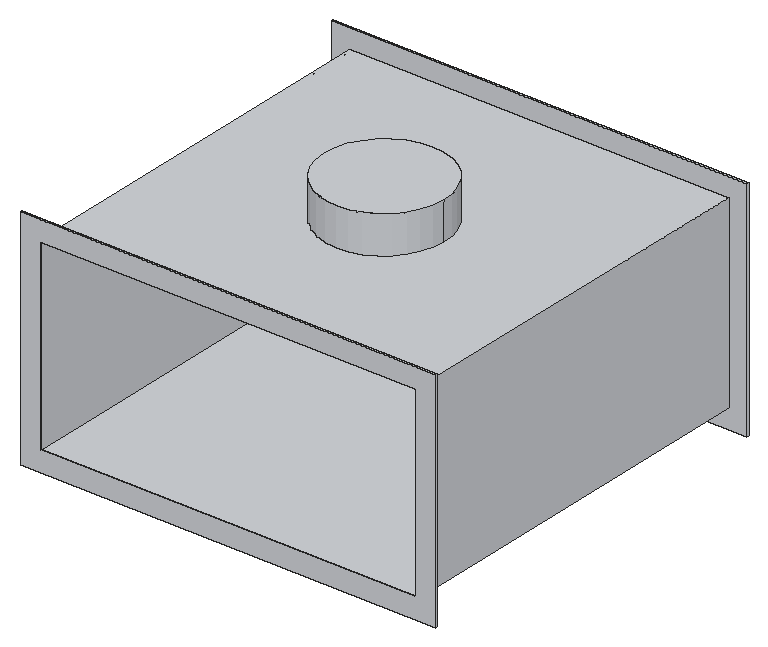
Revit family "SB-3", category Modelos genéricos, Revit 2019
Family settings
  Puede alojar armadura = No
  Cota de conector redondo = Diámetro de uso
  Tipo de pieza = Normal
  Se basa en plano de trabajo = No
  Siempre vertical = Sí
  Corte con vacíos al cargar = No
  Compartido = No
  Punto de cálculo de habitación = No
Parameters (values of type "sb-3 3015")
  ØMOTOR = 95 mm
  e = 1 mm  # constant formula
  URL = "https://www.casals.com/es/fanware/50/fans/29793"
  Modelo = "SB-3 3015 EEC"
  Fabricante = "Casals ventilación"  # constant formula
  C = 330 mm
  H2 = 180 mm
  D2 = 150 mm
  D1 = 300 mm
  B = 180 mm
  A = 310 mm
Types (7, lengths in mm): name | ØMOTOR | URL | Modelo | C | H2 | D2 | D1 | B | A
  (no name) | 95 | "https://www.casals.com/es/fanware/50/fans/29793" | "SB-3 3015 EEC" | 330 | 180 | 150 | 300 | 180 | 310
  sb-3 3015 | 95 | "https://www.casals.com/es/fanware/50/fans/29793" | "SB-3 3015 EEC" | 330 | 180 | 150 | 300 | 180 | 310
  SB-3 4020 | 95 | "https://www.casals.com/es/fanware/50/fans/29805\r\nhttps://www.casals.com/es/fanware/50/fans/29805\r\nhttps://www.casals.com/es/fanware/50/fans/29794" | "SB-3 4020 EEC" | 430 | 243.5 | 200 | 400 | 230 | 410
  SB-3 5035 | 115 | "https://www.casals.com/es/fanware/50/fans/29805\r\nhttps://www.casals.com/es/fanware/50/fans/29805\r\nhttps://www.casals.com/es/fanware/50/fans/29795" | "SB-3 5035 EEC" | 530 | 386.5 | 353 | 500 | 383 | 510
  SB-3 6040 | 115 | "https://www.casals.com/es/fanware/50/fans/29796" | "SB-3 6040 EEC" | 630 | 447 | 400 | 600 | 430 | 610
  SB-3 7050 | 163 | "https://www.casals.com/es/fanware/50/fans/29797" | "SB-3 7050 EEC" | 730 | 560 | 500 | 700 | 530 | 710
  SB-3 8060 | 163 | "https://www.casals.com/es/fanware/50/fans/29798\r\nhttps://www.casals.com/es/fanware/50/fans/29805" | "SB-3 8060 EEC" | 830 | 661 | 601 | 800 | 631 | 910
Reference planes
  plane 1 "Centro (Frontal/Posterior)": y = 0
  plane 2: z = 0
  plane 3 "Centro (Izquierda/Derecha)": x = 0
  plane 4: y = 155
  plane 5: y = -155
  plane 6: x = -165
  plane 7: x = 165
  plane 8: z = 165
  plane 9: z = 180
  plane 10: z = 15
  plane 11: z = 90
  plane 12: x = -150
  plane 13: x = 150
  plane 14: y = 154
  plane 15: y = -154
  plane 16: z = 164
  plane 17: z = 16
  plane 18: x = -149
  plane 19: x = 149
  plane 20: z = 195
Forms (mm)
  Extrusion 1, solid
    sketch origin (0, 0, 0) x (1, 0, 0) y (0, 0, 1)
      loop
        line (-165, 180) -> (-165, 0) -> (165, 0) -> (165, 180) -> (-165, 180)
      loop
        line (-149, 164) -> (-149, 16) -> (149, 16) -> (149, 164) -> (-149, 164)
    from -155 to -154
  Extrusion 2, solid
    sketch origin (0, 0, 0) x (1, 0, 0) y (0, 0, 1)
      loop
        line (-165, 180) -> (-165, 0) -> (165, 0) -> (165, 180) -> (-165, 180)
      loop
        line (-149, 164) -> (-149, 16) -> (149, 16) -> (149, 164) -> (-149, 164)
    from 154 to 155
  Extrusion 3, solid
    sketch origin (0, 0, 0) x (1, 0, 0) y (0, 0, 1)
      loop
        line (-150, 165) -> (-150, 15) -> (150, 15) -> (150, 165) -> (-150, 165)
      loop
        line (-149, 164) -> (-149, 16) -> (149, 16) -> (149, 164) -> (-149, 164)
    from -154 to 154
  Extrusion 4, solid
    sketch origin (0, 0, 0) x (1, 0, 0) y (0, 1, 0)
      loop
        circle (0, 0) r 47.5
    from 165 to 195
Dimensions and locks
  equal spacing: plane 4, plane 1 "Centro (Frontal/Posterior)", plane 5
  "A": plane 4 to plane 5
  equal spacing: plane 6, plane 3 "Centro (Izquierda/Derecha)", plane 7
  "C": plane 6 to plane 7
  "B": plane 9 to level
  equal spacing: plane 9, plane 11, level
  equal spacing: plane 8, plane 11, plane 10
  "D2": plane 8 to plane 10
  equal spacing: plane 13, plane 3 "Centro (Izquierda/Derecha)", plane 12
  "D1": plane 13 to plane 12
  "e": plane 4 to plane 14
  "e": plane 15 to plane 5
  "e": plane 18 to plane 12
  "e": plane 13 to plane 19
  "e": plane 8 to plane 16
  "e": plane 17 to plane 10
  "H2": plane 20 to plane 10
  "ØMOTOR": diameter of Extrusion 4 sketch curve
  aligned and locked: level to plane 2
  aligned and locked: plane 4 to Extrusion 1
  aligned and locked: Extrusion 1 to plane 6
  aligned and locked: plane 9 to Extrusion 1
  aligned and locked: plane 7 to Extrusion 1
  aligned and locked: Extrusion 1 to level
  aligned and locked: plane 6 to Extrusion 2 sketch curve
  aligned and locked: Extrusion 2 sketch curve to Extrusion 1  (x2)
  aligned and locked: plane 17 to Extrusion 2 sketch curve
  aligned and locked: plane 9 to Extrusion 2
  aligned and locked: Extrusion 2 to plane 5
  aligned and locked: Extrusion 1 to plane 16
  aligned and locked: plane 17 to Extrusion 1
  aligned and locked: plane 18 to Extrusion 1
  aligned and locked: Extrusion 1 to plane 19
  aligned and locked: Extrusion 3 sketch curve to plane 8
  aligned and locked: plane 12 to Extrusion 3 sketch curve
  aligned and locked: plane 10 to Extrusion 3 sketch curve
  aligned and locked: Extrusion 3 sketch curve to plane 13
  aligned and locked: Extrusion 3 sketch curve to Extrusion 1  (x4)
  aligned and locked: Extrusion 3 to Extrusion 1
  aligned and locked: Extrusion 3 to plane 15
  aligned and locked: Extrusion 1 to plane 14
  aligned and locked: plane 15 to Extrusion 2
  aligned and locked: plane 20 to Extrusion 4
  aligned and locked: Extrusion 4 to plane 8
Automatic sketch dimensions
  Extrusion 1 sketch curve to level = 0 mm
  Extrusion 1 sketch curve to plane 6 = 0 mm
  plane 12 to Extrusion 1 sketch curve = 1 mm
  plane 10 to Extrusion 1 sketch curve = 1 mm
  Extrusion 1 sketch curve to plane 13 = 1 mm
  plane 7 to Extrusion 1 sketch curve = 0 mm
  Extrusion 1 sketch curve to plane 8 = 1 mm
  plane 9 to Extrusion 1 sketch curve = 0 mm
  plane 19 to Extrusion 2 sketch curve = 0 mm
  Extrusion 2 sketch curve to plane 20 = 15 mm
  Extrusion 2 sketch curve to plane 16 = 0 mm
  Extrusion 2 sketch curve to plane 18 = 0 mm
  plane 1 "Centro (Frontal/Posterior)" to Extrusion 4 sketch curve = 0 mm
  Extrusion 4 sketch curve to plane 3 "Centro (Izquierda/Derecha)" = 0 mm
Connectors
  hvac at (0, -154, 90), driven by "D2", driven by "D1"
    settings: on Extrusion 2, index 1, duct flow 0.0 L/s, flow factor 0, pres drop 0.0 Pa, loss coef 0, conn angle 0.00°, conn width 300 mm, conn height 150 mm, conn diameter 609.6 mm, duct sys type 3, conn prof type 1, flow config 0, flow direction 0, loss method 0, conn ref index -1, conn util no, is conn primary yes, conn desc ""
  hvac at (0, 155, 90), driven by "D2", driven by "D1"
    settings: on Extrusion 1, index 2, duct flow 0.0 L/s, flow factor 0, pres drop 0.0 Pa, loss coef 0, conn angle 0.00°, conn width 300 mm, conn height 150 mm, conn diameter 609.6 mm, duct sys type 3, conn prof type 1, flow config 0, flow direction 0, loss method 0, conn ref index -1, conn util no, is conn primary no, conn desc ""
